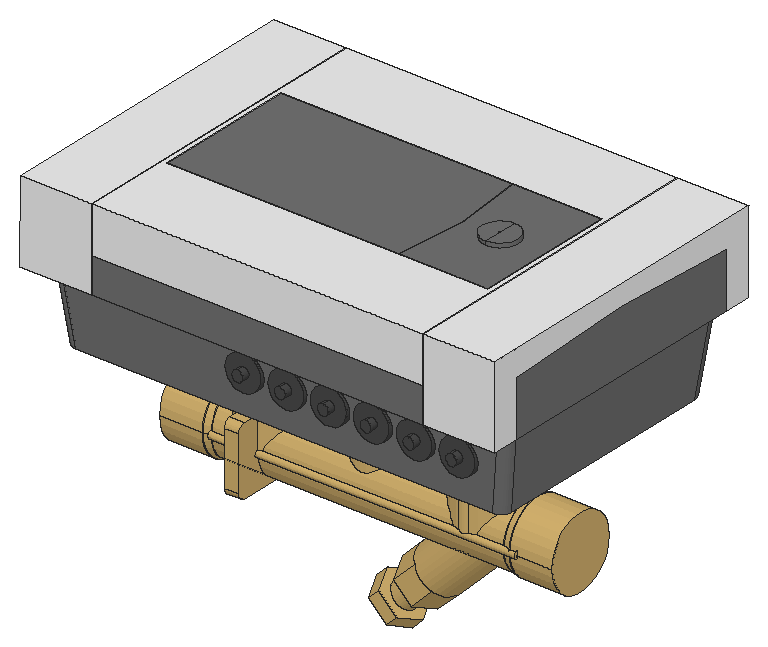
Revit family "SonoSafe 10_DN15-DN32_Return_RFA", category Pipe Accessories, Revit 2019 (continued)
Definition of nested family "Schematic_Energy Meter"
  Dimensions and locks
    aligned and locked: plane 14 to curve 22
    aligned and locked: plane 12 to curve 22
    aligned and locked: plane 8 to curve 13
  Automatic sketch dimensions
    curve 1 to plane 5 = 0 mm
    curve 6 to plane 14 = 0 mm
    curve 4 to plane 14 = 0 mm
    curve 2 to plane 3 "Center (Left/Right)" = 0 mm
    curve 3 to plane 3 "Center (Left/Right)" = 0 mm
    curve 8 to plane 15 = 0 mm
    curve 9 to plane 16 = 0 mm
    curve 10 to plane 13 = 0 mm
    curve 1 to plane 4 = 0 mm
    curve 21 to plane 24 = 0 mm
    curve 10 to plane 24 = 0 mm
    curve 7 to plane 24 = 0 mm
    curve 6 to plane 20 = 0 mm
    curve 9 to plane 20 = 0 mm
    curve 4 to plane 23 = 0 mm
    curve 9 to plane 23 = 0 mm
    curve 7 to plane 23 = 0 mm
    curve 11 to plane 5 = 0 mm
    plane 8 to curve 16 = 0 mm
    curve 16 to plane 14 = 0 mm
    plane 10 to curve 15 = 0 mm
    curve 15 to plane 14 = 0 mm
    curve 12 to plane 3 "Center (Left/Right)" = 0 mm
    curve 13 to plane 3 "Center (Left/Right)" = 0 mm
    plane 10 to curve 18 = 0 mm
    curve 18 to plane 15 = 0 mm
    plane 8 to curve 19 = 0 mm
    curve 19 to plane 16 = 0 mm
    plane 11 to curve 20 = 0 mm
    curve 20 to plane 13 = 0 mm
    curve 11 to plane 4 = 0 mm
    plane 11 to curve 22 = 0 mm
    plane 11 to curve 17 = 0 mm
    plane 10 to curve 19 = 0 mm
Types (8, lengths in mm): name | Z1__ve | Z11__ve | Z11 | Z1 | Z | X | W2D | TPH_ve | TPH | TP2 | TP1 | TP | TL2 | TD | Nut_Bottom_2 | Nut_Bottom | Min Flow | Max Flow | L | LC | T4 | L_TP | RN | R3_1 | R2_1 | R22 | R | Nominal Flow | Model Type | LL1 | LL | L2 | L1_2 | L1_1 | Kvs | HD5__ve | HD5 | HD4__ve | HD4 | HD3__ve | HD3 | HD2__ve | HD2 | HD1__ve | HD1 | H2 | F1 | F | E1__ve | E12 | E1 | H1 | D | Connection | CenSd_R22_6 | C | B__ve | BL | B1 | B | A
  SonoSafe 10_DN25_qp6.0m³/h_G1¼_260mm_Return | -13.175 | -18.175 | 18.175 | 13.175 | 69.862 | 69.862 | 25 | -28 | 28 | yes | no | -40.5 | 66.5 | 40 | -37.5 | -40.5 | "0.06 m³/h" | "12 m³/h" | 260 | 46 | 85 | 100 | 21 | 5.6 | 13 | 1 | 20 | "6.0 m³/h" | "SonoSafe 10_DN25_qp6.0m³/h_G1¼_260mm_Return" | 56 | 228 | 114 | 31 | 31 | 12.79 m³/h | -5.028 | 5.028 | -7.541 | 7.541 | -10.055 | 10.055 | -1 | 1 | 1 | -1 | 40.5 | 20.5 | 41 | -22 | 52.325 | 22 | 78.5 | 25 | "G1¼" | 0.866 | 260 | -16 | 114 | 4 | 16 | 32
  SonoSafe 10_DN25_qp3.5m³/h_G1¼_160mm_Return | -13.175 | -18.175 | 18.175 | 13.175 | 45 | 45 | 25 | -28 | 28 | yes | no | -40.5 | 50 | 30.4 | -37.5 | -40.5 | "0.035 m³/h" | "7 m³/h" | 160 | 0 | 85 | 50 | 16 | 5.6 | 13 | 1 | 15.2 | "3.5 m³/h" | "SonoSafe 10_DN25_qp3.5m³/h_G1¼_160mm_Return" | 24.5 | 120 | 64 | 31 | 31 | 9.71 m³/h | -5.028 | 5.028 | -7.541 | 7.541 | -10.055 | 10.055 | -1 | 1 | -1 | 1 | 40.5 | 20.5 | 41 | -23 | 52.325 | 23 | 79.6 | 25 | "G1¼" | 0.866 | 260 | -16 | 114 | 4 | 16 | 32
  SonoSafe 10_DN32_qp6.0m³/h_G1½_260mm_Return | -13.175 | -18.175 | 18.175 | 13.175 | 65.761 | 65.761 | 32 | -28 | 28 | yes | no | -40.5 | 66.5 | 42 | -37.5 | -40.5 | "0.06 m³/h" | "12 m³/h" | 260 | 46 | 90 | 100 | 23.6 | 5.6 | 11 | 7 | 21 | "6.0 m³/h" | "SonoSafe 10_DN32_qp6.0m³/h_G1½_260mm_Return" | 55 | 224 | 112 | 31 | 31 | 12.79 m³/h | -1 | 1 | -7.541 | 7.541 | -10.055 | 10.055 | -1 | 1 | -1 | 1 | 40.5 | 20.5 | 41 | -22 | 52.325 | 22 | 78.5 | 32 | "G1½" | 6.062 | 260 | -18 | 112 | 4 | 18 | 40
  SonoSafe 10_DN15_qp0.6m³/h_G¾_110mm_Return | -11.075 | -16.075 | 16.075 | 11.075 | 23.688 | 23.688 | 15 | -1 | 1 | no | yes | 1 | 66.5 | 19 | 0 | -1 | "0.006 m³/h" | "1.2 m³/h" | 110 | 0 | 65 | 25 | 10 | 1 | 13 | 7 | 9.5 | "0.6 m³/h" | "SonoSafe 10_DN15_qp0.6m³/h_G¾_110mm_Return" | 20.5 | 86 | 43 | 30 | 30 | 3.46 m³/h | -4.038 | 4.038 | -6.056 | 6.056 | -8.075 | 8.075 | -25 | 25 | -43 | 43 | 35.45 | 16 | 32 | -17 | 48.425 | 17 | 73.35 | 15 | "G¾" | 6.062 | 110 | -12 | 66.5 | 2 | 12 | 20
  SonoSafe 10_DN15_qp1.5m³/h_G¾_110 mm_Return | -11.075 | -16.075 | 16.075 | 11.075 | 23.688 | 23.688 | 15 | -1 | 1 | no | yes | 1 | 66.5 | 19 | 0 | -1 | "0.015 m³/h" | "3 m³/h" | 110 | 0 | 65 | 25 | 10 | 1 | 13 | 7 | 9.5 | "1.5 m³/h" | "SonoSafe 10_DN15_qp1.5m³/h_G¾_110 mm_Return" | 20.5 | 86 | 43 | 30 | 30 | 3.87 m³/h | -4.038 | 4.038 | -6.056 | 6.056 | -8.075 | 8.075 | -25 | 25 | -43 | 43 | 35.45 | 16 | 32 | -17 | 48.425 | 17 | 73.35 | 15 | "G¾" | 6.062 | 110 | -12 | 66.5 | 2 | 12 | 20
  SonoSafe 10_DN20_qp1.5m³/h_G1_130mm_Return | -12.125 | -17.125 | 17.125 | 12.125 | 27.666 | 27.666 | 20 | -1 | 1 | no | yes | 1 | 66.5 | 23.75 | 0 | -1 | "0.015 m³/h" | "3 m³/h" | 130 | 0 | 75 | 51 | 12.5 | 1 | 13 | 7 | 11.875 | "1.5 m³/h" | "SonoSafe 10_DN20_qp2.5m³/h_G1_130mm_Return" | 24.5 | 102 | 51 | 30 | 30 | 3.87 m³/h | -4.674 | 4.674 | -7.011 | 7.011 | -9.348 | 9.348 | -25.707 | 25.707 | -46.74 | 46.74 | 38 | 16 | 32 | -20 | 50.375 | 20 | 76.35 | 20 | "G1" | 6.062 | 130 | -14 | 66.5 | 2 | 14 | 25
  SonoSafe 10_DN25_qp3.5m³/h_G1¼_260mm_Return | -13.175 | -18.175 | 18.175 | 13.175 | 69.862 | 69.862 | 25 | -28 | 28 | yes | no | -40.5 | 66.5 | 40 | -37.5 | -40.5 | "0.035 m³/h" | "7 m³/h" | 260 | 46 | 85 | 100 | 21 | 5.6 | 13 | 1 | 20 | "3.5 m³/h" | "SonoSafe 10_DN25_qp3.5m³/h_G1¼_260mm_Return" | 56 | 228 | 114 | 31 | 31 | 9.71 m³/h | -5.028 | 5.028 | -7.541 | 7.541 | -10.055 | 10.055 | -1 | 1 | 1 | -1 | 40.5 | 20.5 | 41 | -22 | 52.325 | 22 | 78.5 | 25 | "G1¼" | 0.866 | 260 | -16 | 114 | 4 | 16 | 32
  SonoSafe 10_DN20_qp2.5m³/h_G1_130mm_Return | -12.125 | -17.125 | 17.125 | 12.125 | 27.666 | 27.666 | 20 | -1 | 1 | no | yes | 1 | 66.5 | 23.75 | 0 | -1 | "0.025 m³/h" | "5 m³/h" | 130 | 0 | 75 | 51 | 12.5 | 1 | 13 | 7 | 11.875 | "2.5 m³/h" | "SonoSafe 10_DN20_qp2.5m³/h_G1_130mm_Return" | 24.5 | 102 | 51 | 30 | 30 | 6.25 m³/h | -4.674 | 4.674 | -7.011 | 7.011 | -9.348 | 9.348 | -25.707 | 25.707 | -46.74 | 46.74 | 38 | 16 | 32 | -20 | 50.375 | 20 | 76.35 | 20 | "G1" | 6.062 | 130 | -14 | 66.5 | 2 | 14 | 25
